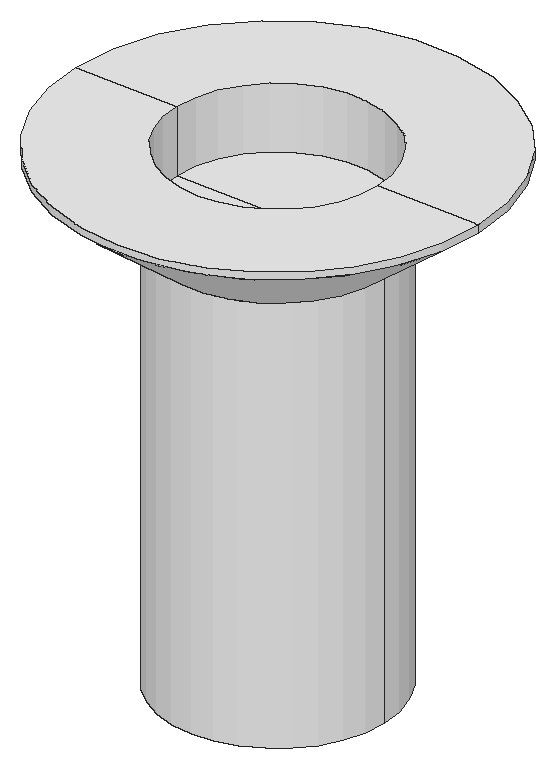
Revit family "Valvula_Escoamento", category Plumbing Fixtures, host Face, Revit 2025
Family settings
  Host = Face
  Round Connector Dimension = Use Diameter
  Part Type = Normal
  OmniClass Number = 23.45.00.00
  OmniClass Title = Sanitary, Laundry, and Cleaning Equipment
  Enable Cutting in Views = No
  Cut with Voids When Loaded = Yes
  Maintain Annotation Orientation = No
  Shared = Yes
  Room Calculation Point = No
Parameters (values of type "Válvula_Escoamento")
  Waste Connection = 1 = 0  # no
  WFU = 0  # constant formula
  Vent Connection = 1 = 0  # no
  URL = "http://www.celite.com.br"
  Selo de Qualidade ofcdesk = "Standard"  # constant formula
  Raio1 [instance] = 16 mm
  Raio2 [instance] = 30 mm
  Raio furo [instance] = 15 mm
  Model = Celite: Código  # "B5828C5CR3"
  Metais [instance] = CT_Cromados
  Manufacturer = Celite: Fabricante  # "Celite"
  L/Rosca [instance] = 59.5 mm
  HWFU = 0  # constant formula
  HW Connection = 1 = 0  # no
  Desenvolvido por = "ofcdesk"  # constant formula
  Description = Celite: Descrição  # "Válvula de escoamento para lavatório, 1\" sem ladrão com tampa plástica (B5828C5CR3), Complementos - Metais Celite"
  Default Elevation = 0 mm
  Comprimento [instance] = 70.5 mm
  Celite: Versão = "Autodesk Revit MEP 2014"  # constant formula
  Celite: Tipo = "Válvulas de escoamento"  # constant formula
  Celite: Produto = "Metais"  # constant formula
  Celite: Norma [instance] = "ABNT NBR 15423:2006 - Requisitos e métodos de ensaio"
  Celite: Link do Produto = "http://www.celite.com.br/pt/produtos/categoria/2/tipo/10/subtipo/19/"
  Celite: Linha = "Válvulas"  # constant formula
  Celite: Informações Técnicas = "N/A"
  Celite: Informações Gerais = "N/A"
  Celite: Fabricante = "Celite"  # constant formula
  Celite: Desenho Técnico = "http://www.celite.com.br/media/uploads/desenhos_tecnicos/A5828C5CR3_Valvula_de_escoamento_Lavatorio.pdf"
  Celite: Descrição = "Válvula de escoamento para lavatório, 1\" sem ladrão com tampa plástica (B5828C5CR3), Complementos - Metais Celite"
  Celite: Código = "B5828C5CR3"
  Celite: Cores Disponíveis = "Cromado"
  Celite: Copyright © = "© 2014 Celite"  # constant formula
  Celite: Categoria = "Complementos"  # constant formula
  CW Connection = 1 = 0  # no
  Assembly Code = "D2010"
Reference planes
  plane 1 "Center (Front/Back)": y = 0
  plane 2: z = 0
  plane 3 "Center (Left/Right)": x = 0
  plane 4: z = -70.5
  plane 5: z = -11
Forms (mm)
  Revolve 1, solid, material "CT_Cromados"
    sketch origin (0, 0, 0) x (1, 0, 0) y (0, 0, 1)
      loop
        line (0, -8.185) -> (-15, -8.185) -> (-15, 1) -> (-30, 1) -> (-30, 0) -> (-16, -11) -> (-16, -70.5) -> (0, -70.5) -> (0, -8.185)
      axis (0, 1) -> (0, -70.5)
    angle from 0 to 360
Dimensions and locks
  "Comprimento": level to plane 4
  "L/Rosca": plane 5 to plane 4
  "Raio1": plane 3 "Center (Left/Right)" to Revolve 1 sketch curve
  "Raio2": plane 3 "Center (Left/Right)" to Revolve 1 sketch curve
  locked: plane 2 to Revolve 1 sketch curve at 8.185
  "Raio furo": plane 3 "Center (Left/Right)" to Revolve 1 sketch curve
  aligned and locked: plane 2 to host face
  aligned and locked: level to host face
  aligned and locked: Revolve 1 sketch curve to plane 3 "Center (Left/Right)"  (x2)
  aligned and locked: plane 5 to Revolve 1 sketch curve
  aligned and locked: plane 4 to Revolve 1 sketch curve
  aligned and locked: level to Revolve 1 sketch curve
Automatic sketch dimensions
  Revolve 1 sketch curve to Revolve 1 sketch curve = 1 mm
  level to Revolve 1 sketch curve = 25 mm
  Revolve 1 sketch curve to Revolve 1 sketch curve = 60 mm
  host sketch curve to host sketch curve = 31.374 mm  (x2)
  host sketch curve to host sketch curve = 31.752 mm
  host sketch curve to host sketch curve = 32.547 mm
  radius of host sketch curve = 20 mm
